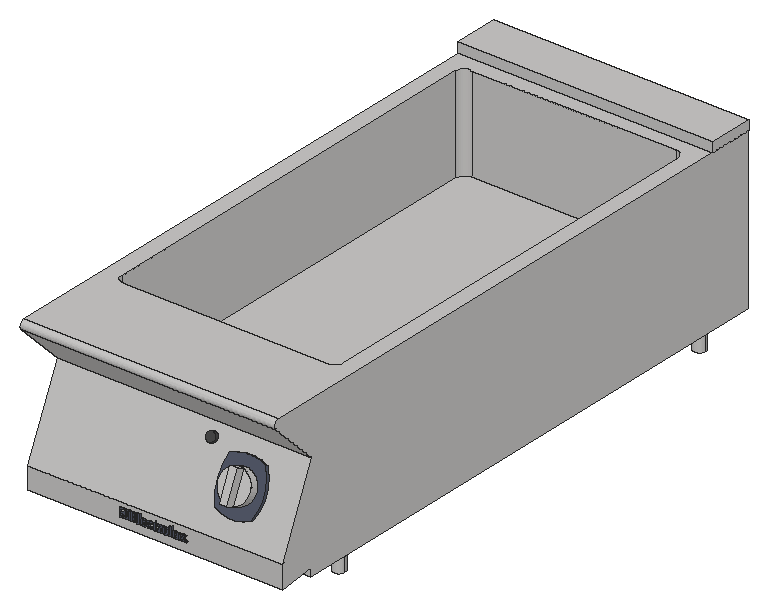
Revit family "QF_ELECTROLUXPROFESSIONAL_391124_E9BMEDB000", category Specialty Equipment, Revit 2018
Family settings
  Round Connector Dimension = Use Diameter
  Part Type = Normal
  Work Plane-Based = No
  Always vertical = Yes
  Cut with Voids When Loaded = No
  Shared = No
  Room Calculation Point = No
Parameters
  Width = 400 mm  # constant formula
  Weight in Pounds = 32  # constant formula
  Watts = 0 W
  Waste Water Discharge Temperature [instance] = -459.67 °F
  Volts = 230 V  # constant formula
  URL Cutsheet = "www.electrolux.com"
  URL = "www.electrolux.com"
  Type Mark [instance] = ""
  Status [instance] = ""
  Specification by User [instance] = ""
  Specification by Manufacturer = ""
  Show Logo [instance] = yes
  Show Clearance [instance] = yes
  Serial Number = ""
  Seismic Rating = ""
  SMACNA No = ""
  Revision Code [instance] = ""
  Plumbing Remarks [instance] = ""
  Plumbing Connection Type [instance] = ""
  Phase = 1
  Omniclass Number and Title = ""
  Number of Poles [instance] = 1
  NAFEM Spec ID Number = ""
  Model = "391124"
  Min Ckt Ampacity = 0 A
  Max Overcurrent Protection = 0 A
  Masterspec = ""
  Manufacturer = "ELECTROLUX"
  Item Number [instance] = ""
  Installed By [instance] = ""
  Indirect Waste Size = 50 mm  # 1.9685"
  Indirect Waste Flow [instance] = 0 GPM
  Indirect Waste Connection Type [instance] = ""
  Indirect Waste Connection Height [instance] = 0 mm
  Identify Quantity as Lot [instance] = yes
  Height = 250 mm  # constant formula
  HP = "3 HP"
  Furnished By [instance] = ""
  Foodservice Equipment Identifier [instance] = yes
  FL Amps = if(Phase = 3, Watts / (Volts * 1.73), Watts / Volts)  # 0 A
  Electrical Remarks [instance] = "230 V/1N ph/50/60 Hz"  # constant formula
  Electric Connection Type [instance] = ""
  Elec Conn RI Height [instance] = 0 mm
  Elec Conn Connection Height [instance] = 0 mm
  Direct Waste Size = 3/4"
  Description = "900XP ELECTRIC BAIN MARIE, HALF MODULE – 230 V"
  Depth = 930 mm  # constant formula
  Cycle [instance] = if([60 Hertz Option], 60 Hz, 50 Hz)  # 60 Hz
  Conn Plug = ""
  Conn Conduit = yes
  CSI MasterFormat = ""
  CSI Master Format = ""
  Apparent Power = if(Phase = 3, Volts * FL Amps * 1.73, Volts * FL Amps)  # 0 VA
  60 Hertz Option [instance] = not([50 Hertz Option])  # yes
  50 Hertz Option [instance] = no
Reference planes
  plane 1 "BACK": y = 0
  plane 2: z = 0
  plane 3 "LEFT": x = 0
  plane 4 "RIGHT": x = 400
  plane 5 "FRONT": y = -930
  plane 6 "TOP": z = 274
  plane 7 "Center Y": x = 200
  plane 8 "Center X": y = -465
  plane 9: z = 24
  plane 10: x = 341
  plane 11: x = 11
  plane 12: x = 389
  plane 13: y = -92.539
  plane 14: y = -777.539
  plane 15: x = 312
  plane 16: z = 290
Forms (mm)
  Extrusion 1, solid, material "QF_Finishes_Stainless Steel"
    sketch origin (0, 0, 0) x (0, 1, 0) y (0, 0, 1)
      loop
        line (0, 274) -> (-922.686, 274)
        arc (-922.686, 274) -> (-929.443, 269.485) -> (-927.858, 261.514) r 7.314
        line (-927.858, 261.514) -> (-856.79, 190.447) -> (-915, 64.975) -> (-915, 30.708) -> (-859.774, 36.513) -> (-859.774, 24) -> (0, 24) -> (0, 274)
    from 0 to 400
  Extrusion 2, solid, material "QF_Finishes_Stainless Steel"
    sketch origin (0, 0, 0) x (1, 0, 0) y (0, 1, 0)
      loop
        circle (11, -82) r 9.525
      loop
        circle (11, -790) r 9.525
      loop
        circle (389, -82) r 9.525
      loop
        circle (389, -790) r 9.525
    from 0 to 24
  Extrusion 3, solid, material "QF_Finishes_Stainless Steel"
    sketch origin (0, 0, 274) x (0, -1, 0) y (1, 0, 0)
      loop
        line (69.85, 0) -> (69.85, 400) -> (0, 400) -> (0, 0) -> (69.85, 0)
    from 0 to 16
  Extrusion 4, void
    sketch origin (0, 0, 274) x (0, -1, 0) y (1, 0, 0)
      loop
        arc (92.539, 40) -> (96.932, 29.393) -> (107.539, 25) r 15
        line (107.539, 25) -> (762.539, 25)
        arc (762.539, 25) -> (773.145, 29.393) -> (777.539, 40) r 15
        line (777.539, 40) -> (777.539, 360)
        arc (777.539, 360) -> (773.145, 370.607) -> (762.539, 375) r 15
        line (762.539, 375) -> (107.539, 375)
        arc (107.539, 375) -> (96.932, 370.607) -> (92.539, 360) r 15
        line (92.539, 360) -> (92.539, 40)
    from 0 to -150
  Extrusion 5, solid, material "QF_Finishes_Stainless Steel"
    sketch origin (-7, -61.6, 24) x (-1, 0, 0) y (0, 1, 0)
      loop
        circle (-348, -523.4) r 9.525
    from 0 to 20
  Extrusion 6, solid, material "QF_Clearances", visible <- "Show Clearance", detail levels coarse
    sketch origin (0, 0, 0) x (1, 0, 0) y (0, 1, 0)
      loop
        line (0, 0) -> (400, 0) -> (400, -930) -> (550, -930) -> (550, 150) -> (-150, 150) -> (-150, -930) -> (0, -930) -> (0, 0)
    from 0 to 290
  Extrusion 7, solid, material "QF_Finishes_Stainless Steel"
    sketch origin (-10.353, -15.237, 24) x (-1, 0, 0) y (0, 1, 0)
      loop
        circle (-322.353, -122.763) r 25
    from 0 to 20
  Extrusion 8, solid, material "QF_Finishes_Navy Blue", visible <- "Show Logo"
    sketch origin (-142.26, -915, 37.253) x (0, 0, 1) y (-1, 0, 0)
      loop
        line (20.674, -296.698) -> (8.307, -296.698)
        arc (8.307, -296.698) -> (14.491, -301.27) -> (20.674, -296.698) r 6.467
      loop
        arc (20.674, -296.069) -> (19.505, -290.926) -> (14.849, -288.448) r 6.338
        line (14.849, -288.448) -> (14.849, -290.494)
        arc (14.849, -290.494) -> (16.333, -294.149) -> (19.778, -296.069) r 5.941
        line (19.778, -296.069) -> (20.674, -296.069)
      loop
        arc (9.203, -296.069) -> (12.648, -294.149) -> (14.132, -290.494) r 5.941
        line (14.132, -290.494) -> (14.132, -288.448)
        arc (14.132, -288.448) -> (9.438, -290.922) -> (8.148, -296.069) r 6.504
        line (8.148, -296.069) -> (9.203, -296.069)
      loop
        line (21.349, -287.979) -> (7.604, -287.979) -> (7.604, -301.742) -> (21.349, -301.742) -> (21.349, -287.979)
      loop
        arc (21.432, -304.71) -> (21.085, -304.352) -> (20.718, -304.69) r 0.358
        arc (20.718, -304.69) -> (20.404, -305.44) -> (19.687, -305.825) r 1.216
        line (19.687, -305.825) -> (9.274, -305.825)
        arc (9.274, -305.825) -> (8.614, -305.548) -> (8.218, -304.951) r 1.238
        arc (8.218, -304.951) -> (7.823, -304.7) -> (7.518, -305.054) r 0.358
        line (7.518, -305.054) -> (7.518, -314.933) -> (10.269, -314.933) -> (10.269, -314.036)
        arc (10.269, -314.036) -> (9.36, -313.456) -> (8.904, -312.479) r 1.928
        line (8.904, -312.479) -> (8.904, -309.98)
        arc (8.904, -309.98) -> (9.18, -309.251) -> (9.868, -308.887) r 1.101
        line (9.868, -308.887) -> (13.955, -308.887) -> (13.955, -312.561)
        arc (13.955, -312.561) -> (13.602, -313.058) -> (13.037, -313.286) r 1.083
        arc (13.037, -313.286) -> (12.773, -313.591) -> (13.065, -313.869) r 0.292
        line (13.065, -313.869) -> (16.028, -313.869)
        arc (16.028, -313.869) -> (16.33, -313.596) -> (16.092, -313.266) r 0.305
        arc (16.092, -313.266) -> (15.601, -313.018) -> (15.296, -312.561) r 1.083
        line (15.296, -312.561) -> (15.296, -308.887) -> (19.973, -308.887) -> (19.973, -312.635)
        arc (19.973, -312.635) -> (19.759, -313.39) -> (19.153, -313.888) r 1.314
        arc (19.153, -313.888) -> (18.934, -314.292) -> (19.288, -314.585) r 0.361
        line (19.288, -314.585) -> (21.432, -314.585) -> (21.432, -304.71)
      loop
        arc (20.715, -315.365) -> (20.335, -316.284) -> (19.416, -316.664) r 1.299
        line (19.416, -316.664) -> (9.837, -316.664)
        arc (9.837, -316.664) -> (8.999, -316.286) -> (8.728, -315.408) r 1.118
        line (8.728, -315.408) -> (7.518, -315.408) -> (7.518, -320.758) -> (8.706, -320.758)
        arc (8.706, -320.758) -> (8.978, -319.841) -> (9.848, -319.445) r 1.153
        line (9.848, -319.445) -> (21.92, -319.445) -> (20.715, -315.365)
      loop
        line (12.483, -323.394) -> (12.483, -329.842) -> (13.282, -329.842)
        arc (13.282, -329.842) -> (15.862, -328.857) -> (17.131, -326.404) r 3.874
        line (17.131, -326.404) -> (17.131, -324.643)
        arc (17.131, -324.643) -> (15.944, -321.778) -> (13.08, -320.592) r 4.051
        line (13.08, -320.592) -> (11.072, -320.592)
        arc (11.072, -320.592) -> (8.253, -322.077) -> (7.202, -325.084) r 4.352
        arc (7.202, -325.084) -> (7.566, -327.547) -> (8.943, -329.621) r 5.713
        line (8.943, -329.621) -> (9.892, -329.621)
        arc (9.892, -329.621) -> (9.16, -328.052) -> (8.943, -326.334) r 5.579
        arc (8.943, -326.334) -> (9.737, -324.371) -> (11.616, -323.394) r 3.057
        line (11.616, -323.394) -> (12.483, -323.394)
      loop
        line (13.742, -323.394) -> (13.742, -326.977)
        arc (13.742, -326.977) -> (15.199, -327.024) -> (16.082, -325.864) r 1.59
        line (16.082, -325.864) -> (16.082, -325.034)
        arc (16.082, -325.034) -> (15.217, -323.779) -> (13.742, -323.394) r 2.184
      loop
        arc (16.533, -339.259) -> (17.022, -337.585) -> (17.179, -335.848) r 9.023
        line (17.179, -335.848) -> (17.179, -334.486)
        arc (17.179, -334.486) -> (16.02, -331.686) -> (13.22, -330.527) r 3.959
        line (13.22, -330.527) -> (10.62, -330.527)
        arc (10.62, -330.527) -> (8.338, -331.819) -> (7.221, -334.192) r 4.331
        line (7.221, -334.192) -> (7.221, -336.327)
        arc (7.221, -336.327) -> (7.729, -337.877) -> (8.651, -339.223) r 5.772
        arc (8.651, -339.223) -> (9.412, -339.274) -> (9.499, -338.515) r 0.553
        arc (9.499, -338.515) -> (9.111, -337.781) -> (8.977, -336.962) r 2.573
        line (8.977, -336.962) -> (8.977, -335.447)
        arc (8.977, -335.447) -> (9.983, -333.806) -> (11.798, -333.163) r 2.884
        line (11.798, -333.163) -> (13.077, -333.163)
        arc (13.077, -333.163) -> (14.898, -333.723) -> (15.824, -335.388) r 2.554
        line (15.824, -335.388) -> (15.824, -336.441)
        arc (15.824, -336.441) -> (15.493, -337.369) -> (14.836, -338.104) r 2.564
        arc (14.836, -338.104) -> (14.614, -338.821) -> (15.223, -339.259) r 0.643
        line (15.223, -339.259) -> (16.533, -339.259)
      loop
        line (15.515, -339.53) -> (15.515, -341.031) -> (9.467, -341.031)
        arc (9.467, -341.031) -> (7.879, -341.688) -> (7.221, -343.276) r 2.246
        line (7.221, -343.276) -> (7.221, -344.86)
        arc (7.221, -344.86) -> (7.535, -345.725) -> (8.035, -346.496) r 4.06
        arc (8.035, -346.496) -> (8.768, -346.629) -> (9.019, -345.928) r 0.576
        arc (9.019, -345.928) -> (8.913, -345.403) -> (8.977, -344.87) r 1.69
        arc (8.977, -344.87) -> (9.519, -344.082) -> (10.425, -343.779) r 1.506
        line (10.425, -343.779) -> (15.563, -343.779) -> (15.563, -346.176) -> (16.119, -346.733) -> (16.941, -346.733) -> (16.941, -343.873) -> (20.172, -343.873) -> (15.515, -339.53)
      loop
        line (7.438, -347.63) -> (7.438, -353.017) -> (8.548, -353.017)
        arc (8.548, -353.017) -> (8.942, -352.066) -> (9.893, -351.672) r 1.345
        line (9.893, -351.672) -> (13.509, -351.672)
        arc (13.509, -351.672) -> (14.274, -352.264) -> (14.564, -353.186) r 1.615
        line (14.564, -353.186) -> (14.564, -354.742) -> (17.119, -355.427) -> (17.119, -354.044) -> (15.177, -351.485) -> (17.057, -351.485) -> (16.773, -348.779)
        arc (16.773, -348.779) -> (16.333, -348.249) -> (15.674, -348.45) r 0.621
        arc (15.674, -348.45) -> (15.274, -348.792) -> (14.78, -348.975) r 1.501
        line (14.78, -348.975) -> (9.893, -348.975)
        arc (9.893, -348.975) -> (8.942, -348.581) -> (8.548, -347.63) r 1.345
        line (8.548, -347.63) -> (7.438, -347.63)
      loop
        line (13.54, -354.964) -> (10.848, -354.964)
        arc (10.848, -354.964) -> (8.403, -356.272) -> (7.269, -358.803) r 4.288
        arc (7.269, -358.803) -> (7.205, -360.183) -> (7.269, -361.563) r 15.022
        arc (7.269, -361.563) -> (8.403, -364.094) -> (10.848, -365.401) r 4.288
        line (10.848, -365.401) -> (13.54, -365.401)
        arc (13.54, -365.401) -> (15.986, -364.094) -> (17.119, -361.563) r 4.288
        arc (17.119, -361.563) -> (17.183, -360.183) -> (17.119, -358.803) r 15.022
        arc (17.119, -358.803) -> (15.986, -356.272) -> (13.54, -354.964) r 4.288
      loop
        line (13.745, -358.078) -> (10.643, -358.078)
        arc (10.643, -358.078) -> (8.486, -360.235) -> (10.643, -362.392) r 2.157
        line (10.643, -362.392) -> (13.745, -362.392)
        arc (13.745, -362.392) -> (15.902, -360.235) -> (13.745, -358.078) r 2.157
      loop
        arc (20.726, -365.26) -> (20.355, -366.154) -> (19.461, -366.524) r 1.264
        line (19.461, -366.524) -> (9.597, -366.524)
        arc (9.597, -366.524) -> (8.727, -366.127) -> (8.455, -365.211) r 1.153
        line (8.455, -365.211) -> (7.518, -365.211) -> (7.518, -370.319) -> (8.446, -370.319)
        arc (8.446, -370.319) -> (8.805, -369.547) -> (9.597, -369.232) r 1.153
        line (9.597, -369.232) -> (21.92, -369.232) -> (20.726, -365.26)
      loop
        arc (15.846, -369.857) -> (15.647, -370.921) -> (14.678, -371.403) r 1.215
        line (14.678, -371.403) -> (9.658, -371.403)
        arc (9.658, -371.403) -> (8.043, -372.051) -> (7.322, -373.634) r 2.338
        line (7.322, -373.634) -> (7.322, -375.148)
        arc (7.322, -375.148) -> (7.497, -376.152) -> (7.999, -377.038) r 2.979
        line (7.999, -377.038) -> (7.518, -378.835) -> (7.518, -380.524) -> (16.943, -380.524) -> (16.649, -376.32) -> (15.863, -376.32)
        arc (15.863, -376.32) -> (15.507, -377.156) -> (14.755, -377.665) r 1.605
        line (14.755, -377.665) -> (9.652, -377.665)
        arc (9.652, -377.665) -> (9.232, -376.728) -> (9.159, -375.704) r 2.94
        arc (9.159, -375.704) -> (9.72, -374.603) -> (10.873, -374.16) r 1.724
        line (10.873, -374.16) -> (17.07, -374.16) -> (15.846, -369.857)
      loop
        line (16.874, -381.377) -> (15.202, -383.423) -> (12.028, -385.729) -> (8.572, -382.617)
        arc (8.572, -382.617) -> (8.335, -382.223) -> (8.357, -381.764) r 0.789
        line (8.357, -381.764) -> (7.518, -381.764) -> (7.518, -385.309) -> (8.344, -385.309)
        arc (8.344, -385.309) -> (8.686, -384.947) -> (9.176, -385.039) r 0.52
        line (9.176, -385.039) -> (10.976, -386.51) -> (8.858, -387.886)
        arc (8.858, -387.886) -> (8.457, -387.576) -> (8.37, -387.076) r 0.7
        line (8.37, -387.076) -> (7.518, -387.076) -> (7.518, -393.003) -> (8.405, -393.003)
        arc (8.405, -393.003) -> (8.472, -392.344) -> (8.866, -391.813) r 1.247
        line (8.866, -391.813) -> (13.066, -388.532) -> (15.513, -390.585) -> (16.874, -392.327) -> (16.874, -388.604) -> (15.389, -389.026) -> (13.868, -387.749) -> (15.568, -386.559) -> (16.874, -387.336) -> (16.874, -381.377)
    from 0 to 1.644
  Extrusion 9, solid, material "QF_Finishes_Black"
    sketch origin (150, -915, 64.975) x (0, 0.418102, 0.9084) y (-1, 0, 0)
      loop
        circle (117.556, -101.317) r 7.5
    from 0 to 4
  Extrusion 10, solid, material "QF_Finishes_Navy Blue"
    sketch origin (150.456, -912.449, 70.59) x (0, 0.419232, 0.907879) y (-1, 0, 0)
      loop
        arc (102.26, -132.62) -> (66.843, -125.139) -> (31.333, -132.16) r 90.355
        arc (31.333, -132.16) -> (24.504, -161.269) -> (31.333, -190.378) r 65.456
        arc (31.333, -190.378) -> (66.877, -199.452) -> (102.26, -189.765) r 71.728
        arc (102.26, -189.765) -> (108.852, -161.193) -> (102.26, -132.62) r 65.22
    from 0 to 3.175
  Extrusion 11, solid, material "QF_Finishes_Stainless Steel"
    sketch origin (150.456, -916.163, 70.121) x (0, 0.419232, 0.907879) y (-1, 0, 0)
      loop
        circle (68.826, -160.963) r 25.4
    from 0 to 12.7
  Extrusion 12, solid, material "QF_Finishes_Stainless Steel"
    sketch origin (150.456, -927.693, 75.445) x (0, 0.419232, 0.907879) y (-1, 0, 0)
      loop
        arc (93.558, -166.749) -> (94.226, -160.963) -> (93.558, -155.177) r 25.4
        line (93.558, -155.177) -> (44.094, -155.177)
        arc (44.094, -155.177) -> (43.426, -160.963) -> (44.094, -166.749) r 25.4
        line (44.094, -166.749) -> (93.558, -166.749)
    from 0 to 12.7
Cuts and joins
  Extrusion 4 cuts Extrusion 1
Lines and regions (mm)
  symbolic lines, style "QF_Clearances", visible <- "Show Clearance", detail levels coarse
    curve 1: line (550, -930, 0) -> (550, 150, 0)
    curve 2: line (550, 150, 0) -> (-150, 150, 0)
    curve 3: line (-150, 150, 0) -> (-150, -930, 0)
  symbolic lines
    curve 4: line (0, -930, 0) -> (400, -930, 0)
    curve 5: line (400, -930, 0) -> (400, 0, 0)
    curve 6: line (400, 0, 0) -> (0, 0, 0)
    curve 7: line (0, 0, 0) -> (0, -930, 0)
    curve 8: line (25, -107.539, 0) -> (25, -762.539, 0)
    curve 9: arc (25, -762.539, 0) -> (29.393, -773.145, 0) -> (40, -777.539, 0) r 15
    curve 10: line (40, -777.539, 0) -> (353, -777.539, 0)
    curve 11: arc (353, -777.539, 0) -> (363.607, -773.145, 0) -> (368, -762.539, 0) r 15
    curve 12: line (368, -762.539, 0) -> (368, -107.539, 0)
    curve 13: arc (368, -107.539, 0) -> (363.607, -96.932, 0) -> (353, -92.539, 0) r 15
    curve 14: line (353, -92.539, 0) -> (40, -92.539, 0)
    curve 15: arc (40, -92.539, 0) -> (29.393, -96.932, 0) -> (25, -107.539, 0) r 15
    curve 16: line (0, -69.85, 0) -> (400, -69.85, 0)
Dimensions and locks
  equal spacing: plane 3 "LEFT", plane 7 "Center Y", plane 4 "RIGHT"
  "Width": plane 3 "LEFT" to plane 4 "RIGHT"
  equal spacing: plane 5 "FRONT", plane 8 "Center X", plane 1 "BACK"
  "Depth": plane 5 "FRONT" to plane 1 "BACK"
  plane 9 to level = 24 mm  (x2)
  plane 10 to plane 4 "RIGHT" = 59 mm  (x3)
  plane 11 to plane 3 "LEFT" = 11 mm
  locked: plane 12 to plane 4 "RIGHT" at 11
  plane 1 "BACK" to plane 5 "FRONT" = 930 mm
  Extrusion 5 to plane 9 = 20 mm
  plane 1 "BACK" to Extrusion 5 = 585 mm
  plane 1 "BACK" to Extrusion 2 to Extrusion 2 to cut or joined group of Extrusion 1, Extrusion 4 = 82 mm, 708 mm, 125 mm
  plane 11 to plane 12 = 378 mm
  plane 1 "BACK" to curve 2 = 150 mm
  plane 4 "RIGHT" to curve 1 = 150 mm
  curve 3 to plane 3 "LEFT" = 150 mm
  plane 1 "BACK" to cut or joined group of Extrusion 1, Extrusion 4 = 915 mm
  Extrusion 7 sketch curve to plane 1 "BACK" = 138 mm
  Extrusion 7 sketch curve to plane 4 "RIGHT" = 88 mm
  Extrusion 5 sketch curve to plane 1 "BACK" = 585 mm
  Extrusion 5 sketch curve to plane 4 "RIGHT" = 59 mm
  Extrusion 5 to plane 1 "BACK" = 585 mm
  Extrusion 7 to plane 1 "BACK" = 138 mm
  plane 15 to plane 4 "RIGHT" = 88 mm
  "Height": plane 6 "TOP" to plane 9
  plane 6 "TOP" to plane 9 = 250 mm
  plane 1 "BACK" to Extrusion 7 = 138 mm
  plane 16 to level = 290 mm
  aligned and locked: level to plane 2
  aligned and locked: Extrusion 1 to plane 4 "RIGHT"
Automatic sketch dimensions
  Extrusion 1 sketch curve to plane 6 "TOP" = 0 mm
  Extrusion 1 sketch curve to plane 9 = 0 mm
  Extrusion 1 sketch curve to plane 1 "BACK" = 0 mm
  Extrusion 1 sketch curve to plane 5 "FRONT" = 73.21 mm
  plane 9 to Extrusion 1 sketch curve = 12.513 mm
  Extrusion 1 sketch curve to plane 5 "FRONT" = 70.226 mm
  plane 9 to Extrusion 1 sketch curve = 6.708 mm
  Extrusion 1 sketch curve to plane 5 "FRONT" = 15 mm
  Extrusion 1 sketch curve to plane 5 "FRONT" = 7.314 mm
  Extrusion 1 sketch curve to plane 5 "FRONT" = 2.142 mm
  Extrusion 1 sketch curve to Extrusion 1 sketch curve = 34.267 mm
  Extrusion 1 sketch curve to plane 6 "TOP" = 83.553 mm
  Extrusion 1 sketch curve to plane 6 "TOP" = 12.486 mm
  Extrusion 2 sketch curve to plane 11 = 0 mm  (x2)
  Extrusion 2 sketch curve to plane 12 = 0 mm  (x2)
  Extrusion 2 sketch curve to plane 14 = 12.461 mm  (x2)
  plane 13 to Extrusion 2 sketch curve = 10.539 mm  (x2)
  plane 9 to Extrusion 8 sketch curve = 15.413 mm
  plane 9 to Extrusion 8 sketch curve = 20.454 mm
  plane 7 "Center Y" to Extrusion 8 sketch curve = 2.6 mm
  Extrusion 8 sketch curve to Extrusion 8 sketch curve = 5.06 mm
  Extrusion 8 sketch curve to Extrusion 8 sketch curve = 0 mm  (x28)
  Extrusion 8 sketch curve to Extrusion 8 sketch curve = 5.108 mm  (x2)
  Extrusion 8 sketch curve to Extrusion 8 sketch curve = 0.054 mm
  Extrusion 8 sketch curve to Extrusion 8 sketch curve = 0.218 mm
  Extrusion 8 sketch curve to Extrusion 8 sketch curve = 0.195 mm
  Extrusion 8 sketch curve to Extrusion 8 sketch curve = 0.249 mm
  Extrusion 8 sketch curve to Extrusion 8 sketch curve = 0.316 mm
  Extrusion 8 sketch curve to Extrusion 8 sketch curve = 0.087 mm
  Extrusion 8 sketch curve to Extrusion 8 sketch curve = 0.358 mm
  Extrusion 8 sketch curve to Extrusion 8 sketch curve = 0.481 mm
  Extrusion 8 sketch curve to Extrusion 8 sketch curve = 0.597 mm
  Extrusion 8 sketch curve to Extrusion 8 sketch curve = 0.544 mm
  Extrusion 8 sketch curve to Extrusion 8 sketch curve = 0.936 mm
  Extrusion 8 sketch curve to Extrusion 8 sketch curve = 0.594 mm
  Extrusion 8 sketch curve to Extrusion 8 sketch curve = 0.343 mm
  Extrusion 8 sketch curve to Extrusion 8 sketch curve = 0.159 mm
  Extrusion 8 sketch curve to Extrusion 8 sketch curve = 0.826 mm
  Extrusion 8 sketch curve to Extrusion 8 sketch curve = 0.839 mm
  Extrusion 8 sketch curve to Extrusion 8 sketch curve = 0.852 mm
  Extrusion 8 sketch curve to Extrusion 8 sketch curve = 0.887 mm
  Extrusion 8 sketch curve to Extrusion 8 sketch curve = 0.928 mm
  Extrusion 8 sketch curve to Extrusion 8 sketch curve = 0.938 mm
  Extrusion 8 sketch curve to Extrusion 8 sketch curve = 0.444 mm
  Extrusion 8 sketch curve to Extrusion 8 sketch curve = 1.11 mm  (x3)
  Extrusion 8 sketch curve to Extrusion 8 sketch curve = 0.215 mm
  Extrusion 8 sketch curve to Extrusion 8 sketch curve = 1.43 mm
  Extrusion 8 sketch curve to Extrusion 8 sketch curve = 1.188 mm
  Extrusion 8 sketch curve to Extrusion 8 sketch curve = 1.21 mm  (x2)
  Extrusion 8 sketch curve to Extrusion 8 sketch curve = 0.503 mm
  Extrusion 8 sketch curve to Extrusion 8 sketch curve = 0.488 mm
  Extrusion 8 sketch curve to Extrusion 8 sketch curve = 0.462 mm
  Extrusion 8 sketch curve to Extrusion 8 sketch curve = 1.386 mm
  Extrusion 8 sketch curve to Extrusion 8 sketch curve = 1.742 mm  (x2)
  Extrusion 8 sketch curve to Extrusion 8 sketch curve = 0.821 mm
  Extrusion 8 sketch curve to Extrusion 8 sketch curve = 0.497 mm
  Extrusion 8 sketch curve to Extrusion 8 sketch curve = 0.539 mm
  Extrusion 8 sketch curve to Extrusion 8 sketch curve = 0.686 mm
  Extrusion 8 sketch curve to Extrusion 8 sketch curve = 0.408 mm
  Extrusion 8 sketch curve to Extrusion 8 sketch curve = 0.528 mm
  Extrusion 8 sketch curve to Extrusion 8 sketch curve = 1.16 mm
  Extrusion 8 sketch curve to Extrusion 8 sketch curve = 0.329 mm
  Extrusion 8 sketch curve to Extrusion 8 sketch curve = 1.054 mm
  Extrusion 8 sketch curve to Extrusion 8 sketch curve = 1.056 mm
  Extrusion 8 sketch curve to Extrusion 8 sketch curve = 0.129 mm
  Extrusion 8 sketch curve to Extrusion 8 sketch curve = 0.489 mm
  Extrusion 8 sketch curve to Extrusion 8 sketch curve = 0.441 mm
  Extrusion 8 sketch curve to Extrusion 8 sketch curve = 1.151 mm
  Extrusion 8 sketch curve to Extrusion 8 sketch curve = 1.141 mm  (x2)
  Extrusion 8 sketch curve to Extrusion 8 sketch curve = 0.768 mm
  Extrusion 8 sketch curve to Extrusion 8 sketch curve = 1.653 mm
  Extrusion 8 sketch curve to Extrusion 8 sketch curve = 0.499 mm
  Extrusion 8 sketch curve to Extrusion 8 sketch curve = 0.964 mm
  Extrusion 8 sketch curve to Extrusion 8 sketch curve = 0.949 mm
  Extrusion 8 sketch curve to Extrusion 8 sketch curve = 1.345 mm  (x2)
  Extrusion 8 sketch curve to Extrusion 8 sketch curve = 1.101 mm
  Extrusion 8 sketch curve to Extrusion 8 sketch curve = 0.432 mm
  Extrusion 8 sketch curve to Extrusion 8 sketch curve = 1.142 mm
  Extrusion 8 sketch curve to Extrusion 8 sketch curve = 0.959 mm
  Extrusion 8 sketch curve to Extrusion 8 sketch curve = 0.176 mm
  Extrusion 8 sketch curve to Extrusion 8 sketch curve = 0.728 mm
  Extrusion 8 sketch curve to Extrusion 8 sketch curve = 3.375 mm  (x2)
  Extrusion 8 sketch curve to Extrusion 8 sketch curve = 0.541 mm
  Extrusion 8 sketch curve to Extrusion 8 sketch curve = 0.955 mm
  Extrusion 8 sketch curve to Extrusion 8 sketch curve = 1.251 mm
  Extrusion 8 sketch curve to Extrusion 8 sketch curve = 0.572 mm
  Extrusion 8 sketch curve to Extrusion 8 sketch curve = 1.92 mm
  Extrusion 8 sketch curve to Extrusion 8 sketch curve = 1.224 mm
  Extrusion 8 sketch curve to Extrusion 8 sketch curve = 0.745 mm
  Extrusion 8 sketch curve to Extrusion 8 sketch curve = 2.537 mm
  Extrusion 8 sketch curve to Extrusion 8 sketch curve = 0.896 mm  (x3)
  Extrusion 8 sketch curve to Extrusion 8 sketch curve = 0.036 mm
  Extrusion 8 sketch curve to Extrusion 8 sketch curve = 2.607 mm
  Extrusion 8 sketch curve to Extrusion 8 sketch curve = 0.066 mm
  Extrusion 8 sketch curve to Extrusion 8 sketch curve = 0.248 mm
  Extrusion 8 sketch curve to Extrusion 8 sketch curve = 0.449 mm
  Extrusion 8 sketch curve to Extrusion 8 sketch curve = 1.052 mm
  Extrusion 8 sketch curve to Extrusion 8 sketch curve = 1.863 mm
  Extrusion 8 sketch curve to Extrusion 8 sketch curve = 1.31 mm  (x2)
  Extrusion 8 sketch curve to Extrusion 8 sketch curve = 0.901 mm
  Extrusion 8 sketch curve to Extrusion 8 sketch curve = 1.107 mm
  Extrusion 8 sketch curve to Extrusion 8 sketch curve = 2.122 mm
  Extrusion 8 sketch curve to Extrusion 8 sketch curve = 2.101 mm
  Extrusion 8 sketch curve to Extrusion 8 sketch curve = 0.106 mm
  Extrusion 8 sketch curve to Extrusion 8 sketch curve = 0.029 mm
  Extrusion 8 sketch curve to Extrusion 8 sketch curve = 2.09 mm
  Extrusion 8 sketch curve to Extrusion 8 sketch curve = 1.279 mm
  Extrusion 8 sketch curve to Extrusion 8 sketch curve = 2.008 mm
  Extrusion 8 sketch curve to Extrusion 8 sketch curve = 0.738 mm
  Extrusion 8 sketch curve to Extrusion 8 sketch curve = 0.382 mm
  Extrusion 8 sketch curve to Extrusion 8 sketch curve = 0.384 mm
  Extrusion 8 sketch curve to Extrusion 8 sketch curve = 0.002 mm
  Extrusion 8 sketch curve to Extrusion 8 sketch curve = 0.561 mm
  Extrusion 8 sketch curve to Extrusion 8 sketch curve = 0.592 mm
  Extrusion 8 sketch curve to Extrusion 8 sketch curve = 2.692 mm
  Extrusion 8 sketch curve to Extrusion 8 sketch curve = 1.259 mm
  Extrusion 8 sketch curve to Extrusion 8 sketch curve = 0.802 mm
  Extrusion 8 sketch curve to Extrusion 8 sketch curve = 1.024 mm
  Extrusion 8 sketch curve to Extrusion 8 sketch curve = 0.682 mm
  Extrusion 8 sketch curve to Extrusion 8 sketch curve = 5.934 mm
  Extrusion 8 sketch curve to Extrusion 8 sketch curve = 2.186 mm
  Extrusion 8 sketch curve to Extrusion 8 sketch curve = 0.337 mm
  Extrusion 8 sketch curve to Extrusion 8 sketch curve = 0.021 mm
  Extrusion 8 sketch curve to Extrusion 8 sketch curve = 1.005 mm
  Extrusion 8 sketch curve to Extrusion 8 sketch curve = 0.552 mm
  Extrusion 8 sketch curve to Extrusion 8 sketch curve = 0.778 mm
  Extrusion 8 sketch curve to Extrusion 8 sketch curve = 0.063 mm
  Extrusion 8 sketch curve to Extrusion 8 sketch curve = 1.023 mm
  Extrusion 8 sketch curve to Extrusion 8 sketch curve = 3.804 mm
  Extrusion 8 sketch curve to Extrusion 8 sketch curve = 0.486 mm
  Extrusion 8 sketch curve to Extrusion 8 sketch curve = 0.266 mm  (x2)
  Extrusion 8 sketch curve to Extrusion 8 sketch curve = 1.547 mm
  Extrusion 8 sketch curve to Extrusion 8 sketch curve = 0.717 mm  (x2)
  Extrusion 8 sketch curve to Extrusion 8 sketch curve = 1.667 mm
  Extrusion 8 sketch curve to Extrusion 8 sketch curve = 3.174 mm
  Extrusion 8 sketch curve to Extrusion 8 sketch curve = 0.388 mm
  Extrusion 8 sketch curve to Extrusion 8 sketch curve = 1.342 mm
  Extrusion 8 sketch curve to Extrusion 8 sketch curve = 1.521 mm
  Extrusion 8 sketch curve to Extrusion 8 sketch curve = 0.124 mm
  Extrusion 8 sketch curve to Extrusion 8 sketch curve = 0.291 mm
  plane 7 "Center Y" to Extrusion 8 sketch curve = 3.916 mm
  Extrusion 8 sketch curve to Extrusion 8 sketch curve = 1.049 mm  (x2)
  Extrusion 8 sketch curve to Extrusion 8 sketch curve = 1.7 mm
  Extrusion 8 sketch curve to Extrusion 8 sketch curve = 0.894 mm
  Extrusion 8 sketch curve to Extrusion 8 sketch curve = 0.989 mm
  Extrusion 8 sketch curve to Extrusion 8 sketch curve = 1.168 mm
  Extrusion 8 sketch curve to Extrusion 8 sketch curve = 1.594 mm
  Extrusion 8 sketch curve to Extrusion 8 sketch curve = 0.731 mm
  Extrusion 8 sketch curve to Extrusion 8 sketch curve = 1.566 mm
  Extrusion 8 sketch curve to Extrusion 8 sketch curve = 0.064 mm
  plane 7 "Center Y" to Extrusion 8 sketch curve = 4.472 mm
  Extrusion 8 sketch curve to Extrusion 8 sketch curve = 0.556 mm  (x2)
  Extrusion 8 sketch curve to Extrusion 8 sketch curve = 0.48 mm
  Extrusion 8 sketch curve to Extrusion 8 sketch curve = 0.228 mm
  Extrusion 8 sketch curve to Extrusion 8 sketch curve = 1.018 mm
  Extrusion 8 sketch curve to Extrusion 8 sketch curve = 0.787 mm
  Extrusion 8 sketch curve to Extrusion 8 sketch curve = 0.618 mm
  Extrusion 8 sketch curve to Extrusion 8 sketch curve = 1.672 mm
  Extrusion 8 sketch curve to Extrusion 8 sketch curve = 1.361 mm
  Extrusion 8 sketch curve to Extrusion 8 sketch curve = 0.822 mm
  Extrusion 8 sketch curve to Extrusion 8 sketch curve = 0.069 mm
  Extrusion 8 sketch curve to Extrusion 8 sketch curve = 1.88 mm
  Extrusion 8 sketch curve to Extrusion 8 sketch curve = 0.42 mm
  Extrusion 8 sketch curve to Extrusion 8 sketch curve = 0.062 mm
  Extrusion 8 sketch curve to Extrusion 8 sketch curve = 1.355 mm
  Extrusion 8 sketch curve to Extrusion 8 sketch curve = 2.34 mm
  Extrusion 8 sketch curve to Extrusion 8 sketch curve = 0.493 mm
  Extrusion 8 sketch curve to Extrusion 8 sketch curve = 0.136 mm
  Extrusion 8 sketch curve to Extrusion 8 sketch curve = 0.128 mm
  Extrusion 8 sketch curve to Extrusion 8 sketch curve = 3.616 mm
  Extrusion 8 sketch curve to Extrusion 8 sketch curve = 4.207 mm
  Extrusion 8 sketch curve to Extrusion 8 sketch curve = 0.183 mm
  Extrusion 8 sketch curve to Extrusion 8 sketch curve = 0.895 mm
  Extrusion 8 sketch curve to Extrusion 8 sketch curve = 1.314 mm
  plane 7 "Center Y" to Extrusion 8 sketch curve = 1.612 mm
  Extrusion 8 sketch curve to Extrusion 8 sketch curve = 3.231 mm
  Extrusion 8 sketch curve to Extrusion 8 sketch curve = 1.299 mm
  Extrusion 8 sketch curve to Extrusion 8 sketch curve = 1.214 mm
  Extrusion 8 sketch curve to Extrusion 8 sketch curve = 1.264 mm
  Extrusion 8 sketch curve to Extrusion 8 sketch curve = 0.109 mm
  Extrusion 8 sketch curve to Extrusion 8 sketch curve = 0.357 mm
  Extrusion 8 sketch curve to Extrusion 8 sketch curve = 0.565 mm
  Extrusion 8 sketch curve to Extrusion 8 sketch curve = 2.504 mm
  Extrusion 8 sketch curve to Extrusion 8 sketch curve = 2.459 mm
  Extrusion 8 sketch curve to Extrusion 8 sketch curve = 1.322 mm
  Extrusion 8 sketch curve to Extrusion 8 sketch curve = 2.77 mm
  Extrusion 8 sketch curve to Extrusion 8 sketch curve = 2.51 mm
  Extrusion 8 sketch curve to Extrusion 8 sketch curve = 0.187 mm
  Extrusion 8 sketch curve to Extrusion 8 sketch curve = 2.559 mm
  Extrusion 8 sketch curve to Extrusion 8 sketch curve = 1.556 mm
  Extrusion 8 sketch curve to Extrusion 8 sketch curve = 0.222 mm
  Extrusion 8 sketch curve to Extrusion 8 sketch curve = 1.383 mm
  Extrusion 8 sketch curve to Extrusion 8 sketch curve = 3.114 mm
  Extrusion 8 sketch curve to Extrusion 8 sketch curve = 3.376 mm
  Extrusion 8 sketch curve to Extrusion 8 sketch curve = 0.934 mm
  Extrusion 8 sketch curve to Extrusion 8 sketch curve = 0.191 mm
  Extrusion 8 sketch curve to Extrusion 8 sketch curve = 3.696 mm
  Extrusion 8 sketch curve to Extrusion 8 sketch curve = 2.708 mm
  Extrusion 8 sketch curve to Extrusion 8 sketch curve = 3.333 mm
  Extrusion 8 sketch curve to Extrusion 8 sketch curve = 0.332 mm
  Extrusion 8 sketch curve to Extrusion 8 sketch curve = 1.087 mm
  Extrusion 8 sketch curve to Extrusion 8 sketch curve = 2.23 mm
  Extrusion 8 sketch curve to Extrusion 8 sketch curve = 2.757 mm
  Extrusion 8 sketch curve to Extrusion 8 sketch curve = 0.987 mm
  Extrusion 8 sketch curve to Extrusion 8 sketch curve = 1.529 mm
  Extrusion 8 sketch curve to Extrusion 8 sketch curve = 1.796 mm
  Extrusion 8 sketch curve to Extrusion 8 sketch curve = 2.859 mm
  Extrusion 8 sketch curve to Extrusion 8 sketch curve = 0.853 mm
  Extrusion 8 sketch curve to Extrusion 8 sketch curve = 1.241 mm
  Extrusion 8 sketch curve to Extrusion 8 sketch curve = 2.046 mm  (x2)
  Extrusion 8 sketch curve to Extrusion 8 sketch curve = 2.422 mm
  Extrusion 8 sketch curve to Extrusion 8 sketch curve = 0.27 mm  (x2)
  Extrusion 8 sketch curve to Extrusion 8 sketch curve = 0.69 mm
  Extrusion 8 sketch curve to Extrusion 8 sketch curve = 0.781 mm  (x2)
  Extrusion 8 sketch curve to Extrusion 8 sketch curve = 3.136 mm
  Extrusion 8 sketch curve to Extrusion 8 sketch curve = 1.767 mm
  Extrusion 8 sketch curve to Extrusion 8 sketch curve = 0.138 mm
  Extrusion 8 sketch curve to Extrusion 8 sketch curve = 0.777 mm
  Extrusion 8 sketch curve to Extrusion 8 sketch curve = 1.19 mm
  Extrusion 8 sketch curve to Extrusion 8 sketch curve = 0.782 mm
  Extrusion 8 sketch curve to Extrusion 8 sketch curve = 1.268 mm
  Extrusion 8 sketch curve to Extrusion 8 sketch curve = 0.422 mm  (x2)
  Extrusion 8 sketch curve to Extrusion 8 sketch curve = 1.559 mm
  Extrusion 8 sketch curve to Extrusion 8 sketch curve = 3.927 mm
  Extrusion 8 sketch curve to Extrusion 8 sketch curve = 0.983 mm
  Extrusion 8 sketch curve to Extrusion 8 sketch curve = 1.134 mm
  plane 7 "Center Y" to Extrusion 8 sketch curve = 1.016 mm
  Extrusion 8 sketch curve to Extrusion 8 sketch curve = 1.501 mm
  Extrusion 8 sketch curve to Extrusion 8 sketch curve = 1.808 mm
  Extrusion 8 sketch curve to Extrusion 8 sketch curve = 0.643 mm
  Extrusion 8 sketch curve to Extrusion 8 sketch curve = 0.916 mm
  Extrusion 8 sketch curve to Extrusion 8 sketch curve = 0.352 mm
  Extrusion 8 sketch curve to Extrusion 8 sketch curve = 0.458 mm
  Extrusion 8 sketch curve to Extrusion 8 sketch curve = 1.282 mm
  Extrusion 8 sketch curve to Extrusion 8 sketch curve = 1.363 mm
  Extrusion 8 sketch curve to Extrusion 8 sketch curve = 0.685 mm
  Extrusion 8 sketch curve to Extrusion 8 sketch curve = 0.905 mm
  Extrusion 8 sketch curve to Extrusion 8 sketch curve = 2.865 mm
  Extrusion 8 sketch curve to Extrusion 8 sketch curve = 0.472 mm
  Extrusion 8 sketch curve to Extrusion 8 sketch curve = 0.101 mm
  Extrusion 8 sketch curve to Extrusion 8 sketch curve = 0.54 mm
  Extrusion 8 sketch curve to Extrusion 8 sketch curve = 0.02 mm
  Extrusion 8 sketch curve to Extrusion 8 sketch curve = 0.468 mm
  Extrusion 8 sketch curve to Extrusion 8 sketch curve = 0.829 mm
  Extrusion 8 sketch curve to Extrusion 8 sketch curve = 0.582 mm
  Extrusion 8 sketch curve to Extrusion 8 sketch curve = 0.166 mm
  Extrusion 8 sketch curve to Extrusion 8 sketch curve = 0.16 mm
  Extrusion 8 sketch curve to Extrusion 8 sketch curve = 2.781 mm
  Extrusion 8 sketch curve to Extrusion 8 sketch curve = 1.118 mm
  Extrusion 8 sketch curve to Extrusion 8 sketch curve = 0.613 mm
  Extrusion 8 sketch curve to Extrusion 8 sketch curve = 0.361 mm
  Extrusion 8 sketch curve to Extrusion 8 sketch curve = 0.897 mm
  Extrusion 8 sketch curve to Extrusion 8 sketch curve = 0.167 mm
  Extrusion 8 sketch curve to Extrusion 8 sketch curve = 0.292 mm
  Extrusion 8 sketch curve to Extrusion 8 sketch curve = 0.305 mm
  Extrusion 8 sketch curve to Extrusion 8 sketch curve = 1.557 mm
  Extrusion 8 sketch curve to Extrusion 8 sketch curve = 2.499 mm
  Extrusion 8 sketch curve to Extrusion 8 sketch curve = 3.062 mm
  Extrusion 8 sketch curve to Extrusion 8 sketch curve = 2.968 mm
  Extrusion 8 sketch curve to Extrusion 8 sketch curve = 5.044 mm
  Extrusion 8 sketch curve to Extrusion 8 sketch curve = 0.629 mm  (x2)
  Extrusion 8 sketch curve to Extrusion 8 sketch curve = 1.131 mm
  Extrusion 8 sketch curve to Extrusion 8 sketch curve = 0.137 mm
  Extrusion 8 sketch curve to Extrusion 8 sketch curve = 0.027 mm
  Extrusion 8 sketch curve to Extrusion 8 sketch curve = 2.235 mm
  curve 16 to plane 3 "LEFT" = 0 mm
  curve 9 to plane 14 = 0 mm
  curve 15 to plane 13 = 0 mm
  plane 1 "BACK" to curve 5 = 0 mm
  curve 5 to plane 4 "RIGHT" = 0 mm
  plane 5 "FRONT" to curve 1 = 0 mm
  plane 5 "FRONT" to curve 7 = 0 mm
  plane 5 "FRONT" to curve 3 = 0 mm
  plane 11 to curve 15 = 14 mm
  curve 8 to curve 9 = 15 mm
  curve 15 to curve 15 = 15 mm
  curve 13 to plane 10 = 12 mm
  curve 11 to plane 10 = 12 mm
  curve 13 to plane 13 = 15 mm
  plane 13 to curve 16 = 22.689 mm
  Extrusion 3 sketch curve to Extrusion 1 = 0 mm  (x3)
  Extrusion 1 to Extrusion 3 sketch curve = 69.85 mm
  Extrusion 1 to Extrusion 4 sketch curve = 40 mm
  Extrusion 1 to Extrusion 4 sketch curve = 92.539 mm
  Extrusion 4 sketch curve to Extrusion 4 sketch curve = 15 mm  (x3)
  Extrusion 1 to Extrusion 4 sketch curve = 160.147 mm  (x2)
  Extrusion 1 to Extrusion 4 sketch curve = 25 mm
  plane 5 "FRONT" to Extrusion 6 sketch curve = 0 mm  (x2)
  Extrusion 6 sketch curve to plane 3 "LEFT" = 0 mm
  Extrusion 6 sketch curve to plane 4 "RIGHT" = 0 mm
  plane 1 "BACK" to Extrusion 6 sketch curve = 0 mm
  Extrusion 6 sketch curve to plane 3 "LEFT" = 150 mm
  Extrusion 6 sketch curve to plane 4 "RIGHT" = 150 mm
  Extrusion 6 sketch curve to plane 1 "BACK" = 150 mm
  plane 11 to Extrusion 9 sketch curve = 240.317 mm
  plane 7 "Center Y" to Extrusion 10 sketch curve = 82.616 mm
  Extrusion 10 sketch curve to plane 15 = 28.834 mm
  Extrusion 10 sketch curve to Extrusion 10 sketch curve = 0 mm
  Extrusion 10 sketch curve to Extrusion 10 sketch curve = 12.3 mm  (x3)
  Extrusion 10 sketch curve to plane 10 = 24.949 mm
  Extrusion 10 sketch curve to Extrusion 10 sketch curve = 34.925 mm  (x2)
  Extrusion 10 sketch curve to Extrusion 10 sketch curve = 23.703 mm
  Extrusion 10 sketch curve to plane 15 = 28.222 mm
  Extrusion 12 sketch curve to Extrusion 12 sketch curve = 24.732 mm
  Extrusion 12 sketch curve to Extrusion 12 sketch curve = 0 mm
  radius of Extrusion 2 sketch curve = 9.525 mm  (x4)
  radius of Extrusion 5 sketch curve = 9.525 mm
  radius of Extrusion 7 sketch curve = 25 mm
  radius of Extrusion 9 sketch curve = 7.5 mm
  radius of Extrusion 11 sketch curve = 25.4 mm
  radius of Extrusion 12 sketch curve to Extrusion 11 = 0 mm  (x2)
Connectors
  piping at (312, -138, 4), diameter 50
    settings: on Extrusion 7, index 2, connector inside diameter 1.9685", connector length 0 mm, flow factor 0, pipe flow 0 GPM, pressure drop 0.00 psi, fitting loss kfactor 0, connector angle 0.00°, fixture units 0, engagement length 0 mm, angle of deflection 0.00°, flow configuration 1, flow direction 2, fitting loss method 0, system type 16, joint type 0, gender type 0, connector reference index -1, connector utility 0, adjustable connector no, is connector primary yes, connector description "DRAIN"
  electrical at (341, -585, 4)
    settings: on Extrusion 5, index 3, voltage 0 V, apparent load 0 VA, apparent load phase1 0 VA, apparent load phase2 0 VA, apparent load phase3 0 VA, power factor 1, load classification "Other", number of poles 1, system type 30, power factor state 1, is connector primary yes, connector utility no, sub classification motor no, connector description ""
